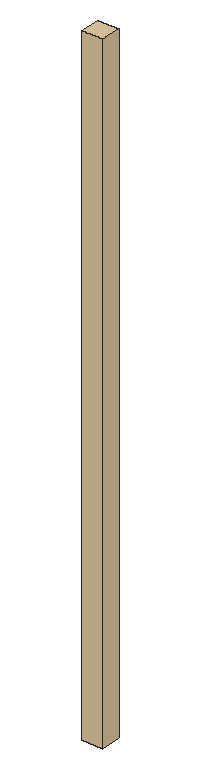
Revit family "Dimension Lumber-Column", category 구조 기둥, Revit 2026
Family settings
  단면 모양 = 정의되지 않음
  모델 동작 재료 = 목재
  항상 형상으로 내보내기 = 아니오
  평면의 보 전환 = 경계 상자에서
  로드될 때 보이드를 사용하여 절단 = 아니오
  기호 표현 = 프로젝트 설정에서
  공유 = 아니오
  평면도에서 미리 절단된 패밀리 표시 = 예
Parameters (values of type "4x4")
  Structural Material [instance] = Wood - Dimensional Lumber
  A = 12.96 in²
  조합 코드 = "B10"
  Ix = 12.51
  Iy = 12.51
  Sx = 7.146
  Sy = 7.146
  b = 0' - 3 1/2"
  d = 0' - 3 1/2"
Reference planes (in)
  plane 1 "Center (Front/Back)": y = 0
  plane 2: z = 0
  plane 3 "Center (Left/Right)": x = 0
  plane 4: x = -1.75
  plane 5: x = 1.75
  plane 6: y = 1.75
  plane 7: y = -1.75
Forms (in)
  Extrusion 1, solid, material "Wood - Dimensional Lumber" <- "Structural Material", detail levels medium+fine
    sketch origin (0, 0, 0) x (1, 0, 0) y (0, 1, 0)
      loop
        line (-1.75, 1.75) -> (-1.75, -1.75) -> (1.75, -1.75) -> (1.75, 1.75) -> (-1.75, 1.75)
    from 0 to 108
Lines and regions (in)
  symbolic lines, style "StructuralColumnStickSymbols", detail levels coarse
    curve 1: line (-1.75, 1.75, 0) -> (1.75, 1.75, 0)
    curve 2: line (-1.75, -1.75, 0) -> (1.75, -1.75, 0)
    curve 3: line (-1.75, 1.75, 0) -> (-1.75, -1.75, 0)
    curve 4: line (1.75, 1.75, 0) -> (1.75, -1.75, 0)
Dimensions and locks (in)
  equal spacing: plane 4, plane 3 "Center (Left/Right)", plane 5
  equal spacing: plane 7, plane 1 "Center (Front/Back)", plane 6
  "d": plane 7 to plane 6
  "b": plane 4 to plane 5
  aligned and locked: plane 6 to Extrusion 1 sketch curve
  aligned and locked: Extrusion 1 sketch curve to plane 7
  aligned and locked: Extrusion 1 sketch curve to plane 4
  aligned and locked: plane 5 to Extrusion 1 sketch curve
  aligned and locked: level to Extrusion 1
  aligned and locked: level to plane 2
  aligned and locked: Extrusion 1 to plane 2
Automatic sketch dimensions
  curve 3 to plane 4 = 0' - 0"
  curve 4 to plane 5 = 0' - 0"
  curve 3 to plane 7 = 0' - 0"
  curve 3 to plane 6 = 0' - 0"
